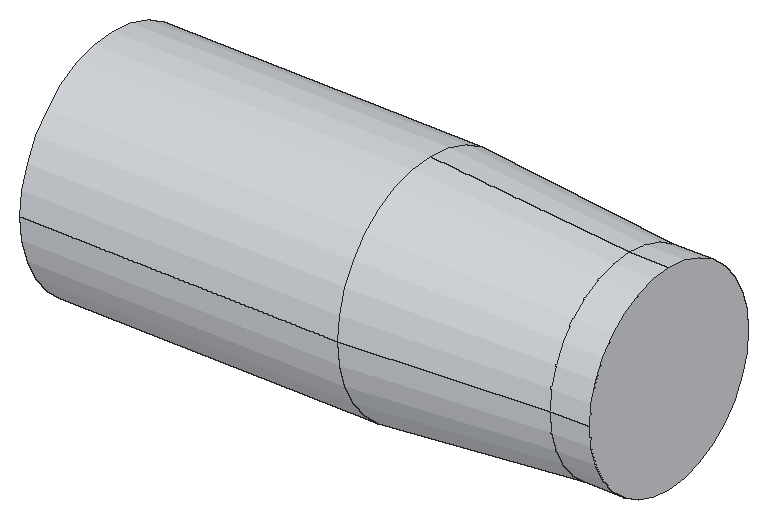
Revit family "M_Round Takeoff Conical - DTL", category Duct Fittings, Revit 2014
Parameters (values of type "Standard")
  built-in parameter 1114214 [instance] = 400 mm
  built-in parameter 1114213 [instance] = 250 mm
  built-in parameter 1114215 [instance] = if(Diameter > 406.4 mm, Diameter * 0.25, 101.6 mm)  # 0.33333 (stored number, unit not read)
  Radius [instance] = 125 mm
  Collar Length [instance] = 50 mm
  Branch Radius [instance] = Branch Diameter / 2  # 145 mm
  Collar Length 1 [instance] = if(Collar Length = 0 mm, 300 mm / 64, Collar Length)  # 50 mm
  Diameter [instance] = Radius * 2  # 250 mm
  Branch Diameter [instance] = 290 mm
Reference planes
  plane 1 "Center (Front/Back)": y = 0
  plane 2: z = 0
  plane 3 "Center (Left/Right)": x = 0
  plane 4: x = -400
  plane 5: y = -3048
  plane 6: y = 0
  plane 7: y = 0
  plane 8: x = 0
  plane 9: y = 0
  plane 10: x = 0
  plane 11: y = 0
  plane 12: x = 0
Forms (mm)
  Extrusion 1, solid, not visible
    sketch origin (0, 0, 0) x (0, 1, 0) y (0, 0, 1)
      loop
        circle (0, 0) r 25.4
    from 0 to 22.217
  Extrusion 2, solid, detail levels medium+fine
    sketch origin (0, 0, 0) x (0, 1, 0) y (0, 0, 1)
      loop
        circle (0, 0) r 145
    from 0 to -400
  SweptBlend 3, solid, detail levels medium+fine
    path in 3D
      loop
        line (0, 0, 0) -> (250, 0, 0)
    profile "M_Duct - Round : Duct - Round 1" origin (0, 0, 0) x (0, 1, 0) y (0, 0, 1)
      loop
        arc (-145, 0) -> (-102.53, -102.53) -> (0, -145) r 145
        arc (0, -145) -> (102.53, -102.53) -> (145, 0) r 145
        arc (145, 0) -> (102.53, 102.53) -> (0, 145) r 145
        arc (0, 145) -> (-102.53, 102.53) -> (-145, 0) r 145
    end profile "M_Duct - Round : Duct - Round 2" origin (250, 0, 0) x (0, 1, 0) y (0, 0, 1)
      loop
        arc (-125, 0) -> (-88.388, -88.388) -> (0, -125) r 125
        arc (0, -125) -> (88.388, -88.388) -> (125, 0) r 125
        arc (125, 0) -> (88.388, 88.388) -> (0, 125) r 125
        arc (0, 125) -> (-88.388, 88.388) -> (-125, 0) r 125
  Sweep 4, solid, detail levels medium+fine
    path in 3D
      loop
        line (250, 0, 0) -> (300, 0, 0)
    profile "M_Duct - Round : Duct - Round 2" origin (275, 0, 0) x (0, 1, 0) y (0, 0, 1)
      loop
        arc (-125, 0) -> (-88.388, -88.388) -> (0, -125) r 125
        arc (0, -125) -> (88.388, -88.388) -> (125, 0) r 125
        arc (125, 0) -> (88.388, 88.388) -> (0, 125) r 125
        arc (0, 125) -> (-88.388, 88.388) -> (-125, 0) r 125
Cuts and joins
  joined: Extrusion 2, SweptBlend 3, Sweep 4
Lines and regions (mm)
  model lines, not visible, detail levels coarse
    curve 1: line (0, 0, 0) -> (250, 0, 0)
    curve 4: line (250, 0, 0) -> (300, 0, 0)
  reference lines
    curve 2: line (0, 0, 0) -> (250, 0, 0)
    curve 6: line (0, 0, 0) -> (250, 0, 0)
    curve 7: line (0, 0, 0) -> (250, 0, 0)
  sketch lines
    curve 3: line (0, 0, 0) -> (250, 0, 0)
    curve 5: line (250, 0, 0) -> (300, 0, 0)
Dimensions and locks
  "built-in parameter 1114214": plane 4 to plane 3 "Center (Left/Right)"
  locked: plane 5 to plane 1 "Center (Front/Back)" at 3048
  locked: plane 6 to plane 5 at 3048
  "built-in parameter 1114213": curve 1 to curve 1
  locked: plane 8 to plane 3 "Center (Left/Right)" at 0
  locked: plane 7 to plane 5 at 3048
  "built-in parameter 1114213": curve 2 to curve 2
  "Collar Length 1": curve 4 to curve 4
  locked: plane 3 "Center (Left/Right)" to Extrusion 1 at 22.217
  locked: plane 9 to plane 5 at 3048
  locked: plane 10 to plane 3 "Center (Left/Right)" at 0
  "built-in parameter 1114213": curve 6 to curve 6
  locked: plane 11 to plane 5 at 3048
  locked: plane 12 to plane 3 "Center (Left/Right)" at 0
  "built-in parameter 1114213": curve 7 to curve 7
  radius of Extrusion 1 sketch curve = 25.4 mm
  "Branch Radius": radius of Extrusion 2 sketch curve
  locked: curve 1 to plane 3 "Center (Left/Right)" (angle 90.00°)
  locked: curve 2 to plane 8 (angle 90.00°)
  locked: curve 4 to plane 3 "Center (Left/Right)" (angle 90.00°)
  locked: curve 6 to plane 10 (angle 90.00°)
  locked: curve 7 to plane 12 (angle 90.00°)
  aligned and locked: plane 1 "Center (Front/Back)" to Extrusion 1 sketch curve
  aligned and locked: plane 2 to Extrusion 1 sketch curve
  aligned and locked: Extrusion 1 to plane 3 "Center (Left/Right)"
  aligned and locked: plane 2 to Extrusion 2 sketch curve
  aligned and locked: Extrusion 2 to plane 4
  aligned and locked: plane 3 "Center (Left/Right)" to Extrusion 2
  aligned and locked: plane 1 "Center (Front/Back)" to Extrusion 2 sketch curve
  aligned and locked: plane 6 to curve 1
  aligned and locked: plane 3 "Center (Left/Right)" to curve 1
  aligned and locked: plane 7 to curve 2
  aligned and locked: plane 8 to curve 2
  aligned and locked: plane 10 to curve 6
  aligned and locked: curve 6 to plane 9
  aligned and locked: plane 12 to curve 7
Connectors
  hvac at (0, 0, 0), driven by "Radius"
    settings: on Extrusion 1, index 1, duct flow 0.0 L/s, flow factor 0, pres drop 0.0 Pa, loss coef 0, conn angle 0.00°, conn width 304.8 mm, conn height 304.8 mm, conn diameter 250 mm, duct sys type 28, conn prof type 0, flow config 0, flow direction 0, loss method 0, conn ref index 2, conn util no, is conn primary yes, conn desc ""
  hvac at (300, 0, 0), driven by "Radius"
    settings: on Sweep 4, index 2, duct flow 0.0 L/s, flow factor 0, pres drop 0.0 Pa, loss coef 0, conn angle 0.00°, conn width 304.8 mm, conn height 304.8 mm, conn diameter 250 mm, duct sys type 28, conn prof type 0, flow config 0, flow direction 0, loss method 0, conn ref index 1, conn util no, is conn primary no, conn desc ""
